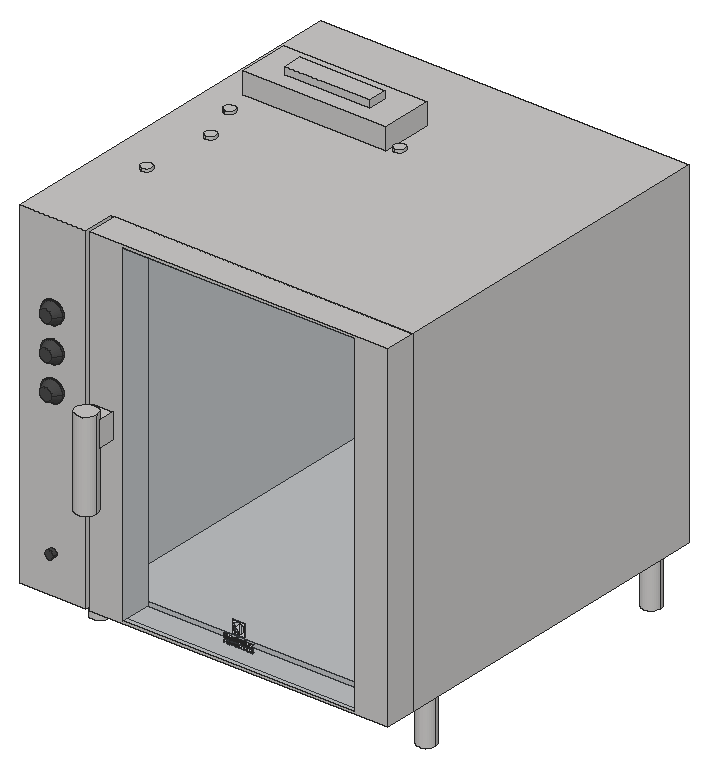
Revit family "QF_ELECTROLUXPROFESSIONAL_260821_EFCG11CSBS", category Attrezzature speciali, Revit 2018
Family settings
  Quota connettore circolare = Usa diametro
  Tipo di parte = Normale
  Basato su piano di lavoro = No
  Sempre verticale = Sì
  Taglio con vuoti quando caricato = No
  Condiviso = No
  Punto di calcolo locali = No
Parameters (values of type "Standard")
  Weight = 136.00 kg
  Watts = 350 W
  Volts = 220 V
  URL Manufacturer = "https://www.electroluxprofessional.com/"
  URL = "https://www.electroluxprofessional.com/"
  Steam Supply Size = 0 mm
  Steam Supply Minimum Pressure = 0.0 Pa
  Steam Supply Maximum Pressure = 0.0 Pa
  Steam Consumption per Hour = 0
  Show Logo [instance] = yes
  Show Clearance [instance] = yes
  Refrigeration Suction Line Size = 0 mm
  Refrigeration Liquid Line Size = 0 mm
  Refrigerant Compressor Remote = yes
  Produttore = "Electrolux Professional"
  Phase = 1
  Modello = "EFCG11CSBS"
  Length Actual = 890 mm  # constant formula
  Item Number = "260821"
  Hot Water Size = 0 mm
  Height Actual = 970 mm  # constant formula
  HP = "0.5 HP"
  Gas Size = 12.7 mm
  Gas KW = 18.5
  Gas Input Pressure = 0.102193 W
  Direct Waste Size = 25 mm
  Descrizione = "CONVECTION OVEN CW 10 GN 1/1 - GAS - 60HZ"
  Depth Actual = 900 mm  # constant formula
  Cycle = 60 Hz
  Condensate Return Size = 0 mm
  Compressed Air Volume = 0.0 L/s
  Compressed Air Size = 0 mm
  Compressed Air Pressure = 0.0 Pa
  Cold Water Size = 19.05 mm
  Accessory = yes
Types (2, lengths in mm): name | URL | Produttore | Phase | Modello | Gas Size | Direct Waste Size | Descrizione | Cold Water Size
  (no name) | 0 | 0 | 0 | 0 | 0 | 0 | 0 | 0
  Standard | "https://www.electroluxprofessional.com/" | "Electrolux Professional" | 1 | "EFCG11CSBS" | 12.7 | 25 | "CONVECTION OVEN CW 10 GN 1/1 - GAS - 60HZ" | 19.05
Values of the unnamed type that differ from the named types
  Weight = 0.00 kg
  Watts = 0 W
  Volts = 0 V
  URL Manufacturer = ""
  Item Number = ""
  HP = ""
  Gas KW = 0
  Gas Input Pressure = 0 W
  Cycle = 0 Hz
Reference planes
  plane 1 "Center X": y = 24.851
  plane 2: z = 0
  plane 3 "Center Y": x = -315
  plane 4 "LEFT": x = -760
  plane 5 "BACK": y = 479.851
  plane 6 "RIGHT": x = 130
  plane 7 "FRONT": y = -430.149
  plane 8: x = -710
  plane 9: y = 421.851
  plane 10: y = -355.149
  plane 11: x = 80
  plane 12: y = -1111.149
  plane 13: z = 130
  plane 14 "Center Z": z = 950
  plane 15: z = 0
Forms (mm)
  Extrusion 1, solid, material "QF_Finishes_Stainless Steel"
    sketch origin (0, 0, 950) x (-1, 0, 0) y (0, -1, 0)
      loop
        line (760, -479.851) -> (760, 430.149) -> (600, 430.149) -> (600, 355.149) -> (-130, 355.149) -> (-130, -479.851) -> (760, -479.851)
    from 0 to -820
  Extrusion 2, solid, material "QF_Finishes_Stainless Steel"
    sketch origin (0, -430.149, -670) x (-1, 0, 0) y (0, 0, 1)
      loop
        line (590, 1620) -> (-130, 1620) -> (-130, 800) -> (590, 800) -> (590, 1620)
      loop
        line (510, 1615) -> (-50, 1615) -> (-50, 805) -> (510, 805) -> (510, 1615)
    from 0 to 75
  Extrusion 3, solid, material "QF_Finishes_Glass"
    sketch origin (0, -430.149, -670) x (-1, 0, 0) y (0, 0, 1)
      loop
        line (-50, 1615) -> (-50, 805) -> (510, 805) -> (510, 1615) -> (-50, 1615)
    from 0 to 9.69
  Extrusion 4, solid, material "QF_Finishes_Stainless Steel"
    sketch origin (-1, -265, 955) x (0, -1, 0) y (-1, 0, 0)
      loop
        circle (-265.851, 643) r 13.25
    from 0 to 5
  Extrusion 5, solid, material "QF_Door-Drawer Clearances", visible <- "Show Clearance", detail levels coarse
    sketch origin (0, 0, 950) x (-1, 0, 0) y (0, -1, 0)
      loop
        arc (590, 430.149) -> (362.228, 910.45) -> (-130, 1111.149) r 734.22
        line (-130, 1111.149) -> (-130, 430.149) -> (590, 430.149)
    from -820 to 0
  Extrusion 6, solid, material "QF_Finishes_Black"
    sketch origin (24, -430.149, -766.676) x (-1, 0, 0) y (0, 0, 1)
      loop
        circle (704, 1512.5) r 26.676
    from 0 to -3
  Blend 7, solid, material "QF_Finishes_Black"
    base sketch origin (-21, -430.149, -766.676) x (1, 0, 0) y (0, 0, 1)
      loop
        circle (-659, 1512.5) r 25
    top sketch origin (-21, -430.149, -766.676) x (1, 0, 0) y (0, 0, 1)
      loop
        circle (-659, 1512.5) r 15
    from 3 to 21.442
  Extrusion 8, solid, material "QF_Finishes_Black"
    sketch origin (24, -430.149, -851.676) x (-1, 0, 0) y (0, 0, 1)
      loop
        circle (704, 1512.5) r 26.676
    from 0 to -3
  Blend 9, solid, material "QF_Finishes_Black"
    base sketch origin (-21, -430.149, -851.676) x (1, 0, 0) y (0, 0, 1)
      loop
        circle (-659, 1512.5) r 25
    top sketch origin (-21, -430.149, -851.676) x (1, 0, 0) y (0, 0, 1)
      loop
        circle (-659, 1512.5) r 15
    from 3 to 21.442
  Extrusion 10, solid, material "QF_Finishes_Black"
    sketch origin (24, -430.149, -936.676) x (-1, 0, 0) y (0, 0, 1)
      loop
        circle (704, 1512.5) r 26.676
    from 0 to -3
  Blend 11, solid, material "QF_Finishes_Black"
    base sketch origin (-21, -430.149, -936.676) x (1, 0, 0) y (0, 0, 1)
      loop
        circle (-659, 1512.5) r 25
    top sketch origin (-21, -430.149, -936.676) x (1, 0, 0) y (0, 0, 1)
      loop
        circle (-659, 1512.5) r 15
    from 3 to 21.442
  Extrusion 12, solid, material "QF_Finishes_Stainless Steel"
    sketch origin (-18, -437, 955) x (0, -1, 0) y (-1, 0, 0)
      loop
        circle (-265.851, 643) r 13.25
    from 0 to 5
  Extrusion 13, solid, material "QF_Finishes_Stainless Steel"
    sketch origin (309, -81, 955) x (0, -1, 0) y (-1, 0, 0)
      loop
        circle (-265.851, 643) r 13.25
    from 0 to 5
  Extrusion 14, solid, material "QF_Finishes_Stainless Steel"
    sketch origin (0, 0, 575) x (-1, 0, 0) y (0, -1, 0)
      loop
        circle (559.299, 480.149) r 25
    from -193.655 to 20
  Extrusion 15, solid, material "QF_Finishes_Stainless Steel"
    sketch origin (0, 0, 575) x (-1, 0, 0) y (0, -1, 0)
      loop
        line (534.299, 480.149) -> (534.299, 430.149) -> (584.299, 430.149) -> (584.299, 480.149)
        arc (584.299, 480.149) -> (559.299, 455.149) -> (534.299, 480.149) r 25
    from -55.026 to 5
  Extrusion 16, solid, material "QF_Finishes_Black"
    sketch origin (25, -480.149, -1017.5) x (-1, 0, 0) y (0, 0, 1)
      loop
        circle (705.941, 1240.523) r 10
    from 40 to 50
  Extrusion 17, solid, material "QF_Finishes_Stainless Steel"
    sketch origin (-34, -166, 955) x (0, -1, 0) y (-1, 0, 0)
      loop
        circle (-265.851, 643) r 13.25
    from 0 to 5
  Extrusion 18, solid, material "QF_Finishes_Stainless Steel"
    sketch origin (-84.755, -13.423, 1620) x (-1, 0, 0) y (0, -1, 0)
      loop
        line (611.245, -302.274) -> (611.245, -178.274) -> (265.245, -178.274) -> (265.245, -302.274) -> (611.245, -302.274)
    from -670 to -619
  Extrusion 19, solid, material "QF_Finishes_Stainless Steel"
    sketch origin (-84.755, -13.423, 1001) x (-1, 0, 0) y (0, -1, 0)
      loop
        line (541.245, -263.274) -> (541.245, -217.274) -> (335.245, -217.274) -> (335.245, -263.274) -> (541.245, -263.274)
    from 0 to 17
  Extrusion 20, void
    sketch origin (-600, -680.149, 1750) x (-1, 0, 0) y (0, 0, 1)
      loop
        line (0, -819.037) -> (-650, -819.037) -> (-650, -1605) -> (0, -1605) -> (0, -819.037)
    from 325 to 1102
Cuts and joins
  Extrusion 20 cuts Extrusion 1
Lines and regions (mm)
  Split face 1
    outline origin (-760, -430.149, 950) x (0, 0, -1) y (1, 0, 0)
      loop
        line (5, 15) -> (815, 15) -> (815, 145) -> (5, 145) -> (5, 15)
  Split face 2
    outline origin (-776.25, -430.149, 941.25) x (0, 0, -1) y (1, 0, 0)
      loop
        line (447.5, 78.5) -> (463.75, 78.5) -> (463.75, 113.5) -> (447.5, 113.5) -> (447.5, 78.5)
  Split face 3
    outline origin (30, -430.149, 135) x (1, 0, 0) y (0, 0, 1)
      loop
        line (-526.223, 92.039) -> (-375, 92.039) -> (-346.716, 120.323) -> (-260, 120.323) -> (-173.284, 120.323) -> (-145, 92.039) -> (6.223, 92.039) -> (6.223, 732.039) -> (-526.223, 732.039) -> (-526.223, 92.039)
  Split face 4
    outline origin (-760, -430.149, 950) x (0, 0, -1) y (1, 0, 0)
      loop
        line (770, 15) -> (770, 145)
  Split face 5
    outline origin (-640, -430.149, 950) x (-1, 0, 0) y (0, 0, -1)
      loop
        line (105, 50) -> (-25, 50)
  symbolic lines
    curve 1: line (-760, -430.149, 1620) -> (-760, 479.851, 1620)
    curve 2: line (-760, 479.851, 1620) -> (130, 479.851, 1620)
    curve 3: line (-600, -355.149, 1620) -> (130, -355.149, 1620)
    curve 4: line (-600, -355.149, 1620) -> (-600, -430.149, 1620)
    curve 5: line (-760, -430.149, 1620) -> (130, -430.149, 1620)
    curve 6: line (-706.676, -433.149, 1620) -> (-653.324, -433.149, 1620)
    curve 7: line (-695, -451.591, 1620) -> (-665, -451.591, 1620)
    curve 8: line (-706.676, -433.149, 1620) -> (-706.676, -430.149, 1620)
    curve 9: line (-653.324, -433.149, 1620) -> (-653.324, -430.149, 1620)
    curve 10: line (-695, -451.591, 1620) -> (-705, -433.149, 1620)
    curve 11: line (-665, -451.591, 1620) -> (-655.006, -433.149, 1620)
    curve 12: line (130, 479.851, 1620) -> (130, -430.149, 1620)
    curve 15: arc (-534.299, -480.149, 1620) -> (-559.299, -455.149, 1620) -> (-584.299, -480.149, 1620) r 25
    curve 16: arc (-584.299, -480.149, 1620) -> (-559.299, -505.149, 1620) -> (-534.299, -480.149, 1620) r 25
    curve 17: line (-534.299, -480.149, 1620) -> (-534.299, -430.149, 1620)
    curve 18: line (-584.299, -430.149, 1620) -> (-584.299, -480.149, 1620)
    curve 19: line (-420, 249.851, 1001) -> (-626, 249.851, 1001)
    curve 20: line (-626, 249.851, 1001) -> (-626, 203.851, 1001)
    curve 21: line (-626, 203.851, 1001) -> (-420, 203.851, 1001)
    curve 22: line (-420, 203.851, 1001) -> (-420, 249.851, 1001)
    curve 23: line (-350, 288.851, 1001) -> (-696, 288.851, 1001)
    curve 24: line (-696, 288.851, 1001) -> (-696, 164.851, 1001)
    curve 25: line (-696, 164.851, 1001) -> (-350, 164.851, 1001)
    curve 26: line (-350, 164.851, 1001) -> (-350, 288.851, 1001)
  symbolic lines, style "QF_Door-Drawer Clearances"
    curve 13: line (130, -1111.149, 1620) -> (130, -430.149, 1620)
    curve 14: arc (-590, -430.149, 1620) -> (-362.228, -910.45, 1620) -> (130, -1111.149, 1620) r 734.22
Dimensions and locks
  equal spacing: plane 4 "LEFT", plane 3 "Center Y", plane 6 "RIGHT"
  plane 4 "LEFT" to plane 6 "RIGHT" = 890 mm
  plane 5 "BACK" to plane 7 "FRONT" = 910 mm
  equal spacing: plane 5 "BACK", plane 1 "Center X", plane 7 "FRONT"
  plane 5 "BACK" to plane 12 = 1591 mm
  plane 13 to plane 15 = 130 mm
  plane 14 "Center Z" to plane 13 = 820 mm
  plane 14 "Center Z" to plane 15 = 950 mm
  aligned and locked: level to plane 2
  aligned and locked: plane 13 to nested 1
  aligned and locked: plane 13 to nested 2
  aligned and locked: plane 13 to nested 4
  aligned and locked: plane 13 to nested 3
  aligned and locked: Extrusion 1 to plane 13
  aligned and locked: Blend 7 to Extrusion 6
  aligned and locked: Blend 9 to Extrusion 8
  aligned and locked: Blend 11 to Extrusion 10
  aligned and locked: Extrusion 18 to plane 14 "Center Z"
Automatic sketch dimensions
  curve 14 to plane 6 "RIGHT" = 0 mm
  curve 17 to plane 7 "FRONT" = 0 mm
  curve 4 to plane 10 = 0 mm
  curve 1 to plane 4 "LEFT" = 0 mm
  curve 1 to plane 5 "BACK" = 0 mm
  curve 13 to plane 12 = 0 mm
  plane 6 "RIGHT" to curve 14 = 12.296 mm
  curve 17 to plane 7 "FRONT" = 50 mm
  plane 8 to curve 17 = 175.701 mm
  curve 15 to curve 16 = 25 mm
  curve 18 to curve 4 = 15.701 mm
  curve 9 to plane 7 "FRONT" = 3 mm
  curve 4 to curve 9 = 53.324 mm
  curve 6 to curve 7 = 11.676 mm
  plane 8 to curve 7 = 15 mm
  plane 8 to curve 8 = 3.324 mm
  curve 14 to plane 10 = 21.883 mm
  curve 10 to curve 10 = 18.442 mm
  curve 6 to curve 11 = 1.682 mm
  curve 10 to curve 6 = 1.676 mm
  Extrusion 1 sketch curve to plane 5 "BACK" = 0 mm
  Extrusion 1 sketch curve to plane 6 "RIGHT" = 0 mm
  Extrusion 1 sketch curve to plane 10 = 0 mm
  Extrusion 1 sketch curve to plane 7 "FRONT" = 0 mm
  Extrusion 1 sketch curve to plane 4 "LEFT" = 0 mm
  plane 8 to Extrusion 1 sketch curve = 110 mm
  Extrusion 2 sketch curve to plane 6 "RIGHT" = 0 mm
  Extrusion 2 sketch curve to plane 13 = 0 mm
  Extrusion 2 sketch curve to plane 14 "Center Z" = 0 mm
  plane 13 to Extrusion 2 sketch curve = 5 mm
  Extrusion 2 sketch curve to plane 11 = 30 mm
  Extrusion 2 sketch curve to plane 14 "Center Z" = 5 mm
  Extrusion 2 sketch curve to plane 3 "Center Y" = 195 mm
  Extrusion 2 sketch curve to Extrusion 2 sketch curve = 80 mm
  plane 13 to Extrusion 3 sketch curve = 5 mm
  Extrusion 3 sketch curve to plane 11 = 30 mm
  Extrusion 3 sketch curve to plane 3 "Center Y" = 195 mm  (x2)
  Extrusion 3 sketch curve to plane 14 "Center Z" = 5 mm
  plane 1 "Center X" to Extrusion 4 sketch curve = 24 mm
  plane 8 to Extrusion 4 sketch curve = 66 mm
  Extrusion 5 sketch curve to plane 6 "RIGHT" = 0 mm
  Extrusion 5 sketch curve to plane 7 "FRONT" = 0 mm
  Extrusion 5 sketch curve to plane 12 = 0 mm
  plane 6 "RIGHT" to Extrusion 5 sketch curve = 12.296 mm
  plane 8 to Extrusion 5 sketch curve = 120 mm
  Split face 1 sketch curve to Extrusion 1 = 5 mm  (x2)
  Split face 1 sketch curve to Extrusion 1 = 15 mm  (x2)
  plane 8 to Extrusion 6 sketch curve = 30 mm
  Extrusion 6 sketch curve to plane 14 "Center Z" = 204.176 mm
  Extrusion 2 to Blend 7 sketch curve = 90 mm  (x2)
  Extrusion 2 to Blend 7 sketch curve = 199.176 mm  (x2)
  plane 8 to Extrusion 8 sketch curve = 30 mm
  Extrusion 8 sketch curve to plane 14 "Center Z" = 289.176 mm
  Extrusion 2 to Blend 9 sketch curve = 90 mm  (x2)
  Extrusion 2 to Blend 9 sketch curve = 284.176 mm  (x2)
  plane 8 to Extrusion 10 sketch curve = 30 mm
  Extrusion 10 sketch curve to plane 14 "Center Z" = 374.176 mm
  Extrusion 2 to Blend 11 sketch curve = 90 mm  (x2)
  Extrusion 2 to Blend 11 sketch curve = 369.176 mm  (x2)
  Split face 2 sketch curve to Extrusion 1 = 62.75 mm
  Split face 2 sketch curve to Extrusion 1 = 363.75 mm
  Split face 2 sketch curve to Split face 2 sketch curve = 16.25 mm
  Split face 2 sketch curve to Split face 2 sketch curve = 35 mm
  plane 8 to Extrusion 12 sketch curve = 49 mm
  plane 10 to Extrusion 12 sketch curve = 184 mm
  Extrusion 13 sketch curve to plane 3 "Center Y" = 19 mm
  Extrusion 13 sketch curve to plane 1 "Center X" = 160 mm
  Extrusion 14 sketch curve to plane 7 "FRONT" = 50 mm
  plane 8 to Extrusion 14 sketch curve = 150.701 mm
  Extrusion 15 sketch curve to plane 7 "FRONT" = 0 mm
  plane 8 to Extrusion 15 sketch curve = 175.701 mm
  Extrusion 15 sketch curve to Extrusion 15 sketch curve = 25 mm
  Extrusion 15 sketch curve to plane 7 "FRONT" = 50 mm
  Split face 3 sketch curve to Extrusion 3 = 13.777 mm  (x2)
  Split face 3 sketch curve to Split face 3 sketch curve = 151.223 mm
  Split face 3 sketch curve to Split face 3 sketch curve = 28.284 mm  (x3)
  Split face 3 sketch curve to Split face 3 sketch curve = 86.716 mm  (x2)
  Split face 3 sketch curve to Extrusion 3 = 92.039 mm  (x2)
  Split face 3 sketch curve to Extrusion 3 = 77.961 mm
  Split face 4 sketch curve to Extrusion 1 = 15 mm  (x2)
  Split face 4 sketch curve to Extrusion 1 = 50 mm
  plane 8 to Extrusion 16 sketch curve = 29.059 mm
  plane 13 to Extrusion 16 sketch curve = 93.023 mm
  Split face 5 sketch curve to Extrusion 1 = 15 mm  (x2)
  Split face 5 sketch curve to Extrusion 1 = 50 mm
  Extrusion 17 sketch curve to plane 1 "Center X" = 75 mm
  plane 8 to Extrusion 17 sketch curve = 33 mm
  Extrusion 18 sketch curve to plane 3 "Center Y" = 35 mm
  plane 8 to Extrusion 18 sketch curve = 14 mm
  Extrusion 18 sketch curve to plane 9 = 133 mm
  Extrusion 18 sketch curve to Extrusion 18 sketch curve = 124 mm
  Extrusion 19 sketch curve to Extrusion 18 = 70 mm  (x2)
  Extrusion 19 sketch curve to Extrusion 18 = 39 mm  (x2)
  curve 22 to Extrusion 18 = 70 mm
  curve 21 to Extrusion 18 = 70 mm
  curve 19 to Extrusion 18 = 39 mm
  curve 21 to Extrusion 18 = 39 mm
  curve 23 to Extrusion 18 = 0 mm  (x2)
  curve 24 to Extrusion 18 = 0 mm
  Extrusion 18 to curve 25 = 0 mm
  Extrusion 20 sketch curve to plane 11 = 30 mm
  plane 13 to Extrusion 20 sketch curve = 15 mm
  plane 8 to Extrusion 20 sketch curve = 110 mm
  Extrusion 20 sketch curve to plane 14 "Center Z" = 19.037 mm
  radius of Extrusion 4 sketch curve = 13.25 mm
  radius of Extrusion 6 sketch curve = 26.676 mm
  radius of Blend 7 sketch curve = 25 mm
  radius of Blend 7 sketch curve = 15 mm
  radius of Extrusion 8 sketch curve = 26.676 mm
  radius of Blend 9 sketch curve = 25 mm
  radius of Blend 9 sketch curve = 15 mm
  radius of Extrusion 10 sketch curve = 26.676 mm
  radius of Blend 11 sketch curve = 25 mm
  radius of Blend 11 sketch curve = 15 mm
  radius of Extrusion 12 sketch curve = 13.25 mm
  radius of Extrusion 13 sketch curve = 13.25 mm
  radius of Extrusion 14 sketch curve = 25 mm
  radius of Extrusion 16 sketch curve = 10 mm
  radius of Extrusion 17 sketch curve = 13.25 mm
Nested families
  nested 1: "Foot" at (-710, -250.149, 0), type "Foot"
    with Ø 22 mm, H 130 mm
  nested 2: "Foot" at (80, -250.149, 0), type "Foot"
    with Ø 22 mm, H 130 mm
  nested 3: "Foot" at (80, 429.851, 0), type "Foot"
    with Ø 22 mm, H 130 mm
  nested 4: "Foot" at (-710, 429.851, 0), type "Foot"
    with Ø 22 mm, H 130 mm
  nested 5: "ELX_Pro_Logo" at (-230, -430.149, 201.012) x (1, 0, 0) z (0, -1, 0), type "ELX_Pro_Logo"
Connectors
  piping at (-334, 184.851, 955), diameter 25, driven by "Direct Waste Size"
    settings: on Extrusion 13, index 6, connector inside diameter 609.6 mm, connector length 0 mm, flow factor 0, pipe flow 0.0 L/s, pressure drop 0.0 Pa, fitting loss kfactor 0, connector angle 0.00°, fixture units 0, engagement length 0 mm, angle of deflection 0.00°, flow configuration 0, flow direction 0, fitting loss method 0, system type 16, joint type 0, gender type 0, connector reference index -1, connector utility 0, adjustable connector no, is connector primary yes, connector description "Drain"
  electrical at (-661, -171.149, 955)
    settings: on Extrusion 12, index 7, voltage 0 V, apparent load 0 VA, apparent load phase1 0 VA, apparent load phase2 0 VA, apparent load phase3 0 VA, power factor 1, load classification "Altro", number of poles 1, system type 30, power factor state 1, is connector primary yes, connector utility no, sub classification motor no, connector description ""
  piping at (-644, 0.851, 955), diameter 19.05, driven by "Cold Water Size"
    settings: on Extrusion 4, index 8, connector inside diameter 609.6 mm, connector length 0 mm, flow factor 0, pipe flow 0.0 L/s, pressure drop 0.0 Pa, fitting loss kfactor 0, connector angle 0.00°, fixture units 0, engagement length 0 mm, angle of deflection 0.00°, flow configuration 0, flow direction 0, fitting loss method 0, system type 20, joint type 0, gender type 0, connector reference index -1, connector utility 0, adjustable connector no, is connector primary no, connector description "Cold Water Inlet"
  piping at (-677, 99.851, 955), diameter 26.4
    settings: on Extrusion 17, index 9, connector inside diameter 609.6 mm, connector length 0 mm, flow factor 0, pipe flow 0.0 L/s, pressure drop 0.0 Pa, fitting loss kfactor 0, connector angle 0.00°, fixture units 0, engagement length 0 mm, angle of deflection 0.00°, flow configuration 0, flow direction 0, fitting loss method 0, system type 22, joint type 0, gender type 0, connector reference index -1, connector utility 0, adjustable connector no, is connector primary no, connector description "Gas"
Definition of nested family "Foot"
  Parameters
    Ø [instance] = 20 mm
    H [instance] = 50 mm
  Reference planes
    plane 1 "Centro (Fronte/Retro)": y = 0
    plane 2: z = 0
    plane 3 "Centro (Sinistra/Destra)": x = 0
    plane 4: z = 50
  Forms (mm)
    Revolve 1, solid
      sketch origin (255.05, 0, 608.09) x (0, 0, 1) y (-1, 0, 0)
        loop
          line (-608.09, 255.05) -> (-608.09, 235.05) -> (-558.09, 235.05) -> (-558.09, 255.05) -> (-608.09, 255.05)
        axis (-608.09, 255.05) -> (-558.09, 255.05)
      angle from 0 to 360
  Dimensions and locks
    "H": plane 4 to plane 2
    "Ø": Revolve 1 sketch curve to Revolve 1 sketch curve
    aligned and locked: level to plane 2
    aligned and locked: plane 4 to Revolve 1 sketch curve
    aligned and locked: Revolve 1 sketch curve to level
    aligned and locked: plane 3 "Centro (Sinistra/Destra)" to Revolve 1 sketch curve
  Automatic sketch dimensions
    Revolve 1 sketch curve to plane 3 "Centro (Sinistra/Destra)" = 0 mm
    Revolve 1 sketch curve to Revolve 1 sketch curve = 50 mm
    Revolve 1 sketch curve to Revolve 1 sketch curve = 20 mm
Definition of nested family "ELX_Pro_Logo"
  Parameters (values of type "ELX_Pro_Logo")
    M = none
    Default Elevation = 0 mm
  Reference planes
    plane 1 "Centro (Fronte/Retro)": y = 0
    plane 2: z = 0
    plane 3 "Centro (Sinistra/Destra)": x = 0
  Forms (mm)
    Extrusion 1, solid
      sketch origin (0, 0, 0) x (1, 0, 0) y (0, 1, 0)
        loop
          line (-1219.2, 1219.2) -> (-1219.2, -1219.2) -> (1219.2, -1219.2) -> (1219.2, 1219.2) -> (-1219.2, 1219.2)
      from 0 to -304.8
    Extrusion 2, solid, material <- "M"
      sketch origin (-144.622, -1081.55, 0) x (-1, 0, 0) y (0, -1, 0)
        loop
          line (-111.329, -1069.559) -> (-111.329, -1071.073) -> (-116.048, -1071.073) -> (-116.048, -1072.896) -> (-111.328, -1072.896) -> (-111.328, -1075.549) -> (-116.349, -1075.549) -> (-116.349, -1077.368) -> (-109.396, -1077.368) -> (-109.396, -1073.46) -> (-109.396, -1069.659)
          arc (-109.396, -1069.659) -> (-110.425, -1067.175) -> (-112.909, -1066.146) r 3.513
          line (-112.909, -1066.146) -> (-116.483, -1066.146) -> (-116.483, -1067.963) -> (-112.925, -1067.963)
          arc (-112.925, -1067.963) -> (-111.797, -1068.431) -> (-111.329, -1069.559) r 1.596
        loop
          line (-119.79, -1077.358) -> (-117.856, -1077.358) -> (-117.856, -1072.053) -> (-117.856, -1066.132) -> (-119.79, -1066.132) -> (-119.79, -1072.092) -> (-119.79, -1077.358)
        loop
          line (-122.986, -1069.718) -> (-129.327, -1069.718)
          arc (-129.327, -1069.718) -> (-129.219, -1071.449) -> (-128.497, -1073.026) r 4.757
          arc (-128.497, -1073.026) -> (-125.237, -1074.5) -> (-121.978, -1073.026) r 4.34
          arc (-121.978, -1073.026) -> (-121.072, -1070.207) -> (-121.978, -1067.388) r 4.838
          arc (-121.978, -1067.388) -> (-125.393, -1065.933) -> (-128.809, -1067.388) r 4.737
          line (-128.809, -1067.388) -> (-127.645, -1068.52)
          arc (-127.645, -1068.52) -> (-125.509, -1067.576) -> (-123.374, -1068.52) r 2.888
          arc (-123.374, -1068.52) -> (-123.05, -1069.077) -> (-122.986, -1069.718) r 1.527
        loop
          arc (-127.386, -1071.076) -> (-126.67, -1072.331) -> (-125.331, -1072.872) r 2.201
          arc (-125.331, -1072.872) -> (-123.848, -1072.402) -> (-123.033, -1071.076) r 2.23
          line (-123.033, -1071.076) -> (-127.386, -1071.076)
        loop
          line (-136.862, -1071.886) -> (-138.059, -1073.132)
          arc (-138.059, -1073.132) -> (-130.327, -1070.219) -> (-138.059, -1067.306) r 4.415
          line (-138.059, -1067.306) -> (-136.862, -1068.553)
          arc (-136.862, -1068.553) -> (-132.252, -1070.22) -> (-136.862, -1071.886) r 2.606
        loop
          line (-141.192, -1069.673) -> (-141.192, -1072.494) -> (-142.951, -1072.494) -> (-142.951, -1074.25) -> (-141.195, -1074.25) -> (-141.195, -1077.358) -> (-139.262, -1077.358) -> (-139.262, -1073.332) -> (-139.262, -1069.514)
          arc (-139.262, -1069.514) -> (-140.299, -1066.92) -> (-142.98, -1066.132) r 3.196
          line (-142.98, -1066.132) -> (-142.987, -1067.949)
          arc (-142.987, -1067.949) -> (-141.652, -1068.356) -> (-141.192, -1069.673) r 1.542
        loop
          line (-146.494, -1073.042) -> (-146.494, -1074.25) -> (-144.576, -1074.25) -> (-144.576, -1070.271) -> (-144.576, -1066.132) -> (-146.494, -1066.132) -> (-146.494, -1070.401)
          arc (-146.494, -1070.401) -> (-147.446, -1072.228) -> (-149.489, -1072.494) r 2.229
          line (-149.489, -1072.494) -> (-149.489, -1074.362)
          arc (-149.489, -1074.362) -> (-147.761, -1074.226) -> (-146.494, -1073.042) r 2.627
        loop
          line (-159.833, -1072.246) -> (-159.833, -1066.131) -> (-161.767, -1066.131) -> (-161.767, -1072.17) -> (-161.767, -1077.359) -> (-159.833, -1077.359) -> (-159.833, -1072.246)
        loop
          line (-165.194, -1069.514) -> (-165.194, -1074.25) -> (-163.245, -1074.25) -> (-163.245, -1071.898) -> (-163.245, -1069.098)
          arc (-163.245, -1069.098) -> (-166.96, -1065.769) -> (-170.687, -1069.085) r 3.745
          line (-170.687, -1069.085) -> (-170.687, -1071.898) -> (-170.687, -1074.25) -> (-168.739, -1074.25) -> (-168.739, -1069.514)
          arc (-168.739, -1069.514) -> (-166.967, -1067.742) -> (-165.194, -1069.514) r 1.772
        loop
          line (-174.654, -1070.416) -> (-172.975, -1068.078) -> (-171.578, -1066.131) -> (-173.656, -1066.131) -> (-175.717, -1068.999) -> (-177.779, -1066.131) -> (-179.857, -1066.131) -> (-178, -1068.728) -> (-176.781, -1070.433) -> (-178.29, -1072.488) -> (-179.583, -1074.25) -> (-177.473, -1074.25) -> (-175.717, -1071.818) -> (-173.945, -1074.25) -> (-171.852, -1074.25) -> (-173.052, -1072.608) -> (-174.654, -1070.416)
        loop
          circle (-154.223, -1070.188) r 2.508
        loop
          circle (-154.223, -1070.188) r 4.42
        loop
          line (-110.224, -1058.542) -> (-111.194, -1058.542)
          arc (-111.194, -1058.542) -> (-112.217, -1059.95) -> (-110.924, -1061.114) r 1.3
          line (-110.924, -1061.114) -> (-109.424, -1061.114) -> (-109.424, -1057.223) -> (-110.224, -1057.223) -> (-110.224, -1058.542)
        loop
          line (-110.224, -1060.379) -> (-110.224, -1059.293) -> (-111.03, -1059.293)
          arc (-111.03, -1059.293) -> (-111.43, -1059.836) -> (-111.03, -1060.379) r 0.569
          line (-111.03, -1060.379) -> (-110.224, -1060.379)
        loop
          line (-116.302, -1058.564) -> (-117.128, -1058.564) -> (-117.934, -1057.223) -> (-118.841, -1057.223) -> (-117.833, -1058.884)
          arc (-117.833, -1058.884) -> (-118.214, -1060.282) -> (-117.028, -1061.114) r 1.26
          line (-117.028, -1061.114) -> (-115.503, -1061.114) -> (-115.503, -1057.223) -> (-116.302, -1057.223) -> (-116.302, -1058.564)
        loop
          line (-116.302, -1060.379) -> (-116.302, -1059.293) -> (-117.109, -1059.293)
          arc (-117.109, -1059.293) -> (-117.508, -1059.836) -> (-117.109, -1060.379) r 0.569
          line (-117.109, -1060.379) -> (-116.302, -1060.379)
        loop
          line (-128.923, -1057.223) -> (-129.723, -1057.223) -> (-129.723, -1058.714) -> (-131.187, -1058.714) -> (-131.187, -1059.514) -> (-129.723, -1059.514) -> (-129.723, -1060.314) -> (-131.327, -1060.314) -> (-131.327, -1061.114) -> (-128.923, -1061.114) -> (-128.923, -1057.223)
        loop
          arc (-134.628, -1058.469) -> (-134.992, -1057.588) -> (-135.874, -1057.223) r 1.246
          line (-135.874, -1057.223) -> (-137.13, -1057.223) -> (-137.13, -1058.023) -> (-135.969, -1058.023)
          arc (-135.969, -1058.023) -> (-135.53, -1058.237) -> (-135.427, -1058.714) r 0.558
          line (-135.427, -1058.714) -> (-136.984, -1058.714) -> (-136.984, -1059.514) -> (-135.427, -1059.514) -> (-135.427, -1060.314) -> (-137.092, -1060.314) -> (-137.092, -1061.114) -> (-134.628, -1061.114) -> (-134.628, -1058.469)
        loop
          line (-152.3, -1057.223) -> (-153.1, -1057.223) -> (-153.1, -1061.114) -> (-152.3, -1061.114) -> (-152.3, -1057.223)
        loop
          line (-164.67, -1057.223) -> (-164.67, -1059.67) -> (-166.45, -1057.223) -> (-167.25, -1057.223) -> (-167.25, -1061.114) -> (-166.42, -1061.114) -> (-166.42, -1058.594) -> (-164.64, -1061.114) -> (-163.84, -1061.114) -> (-163.84, -1057.223) -> (-164.67, -1057.223)
        loop
          line (-170.403, -1057.223) -> (-171.262, -1057.223) -> (-171.641, -1058.063) -> (-173.08, -1058.063) -> (-173.459, -1057.223) -> (-174.317, -1057.223) -> (-172.796, -1061.113) -> (-171.996, -1061.113) -> (-170.403, -1057.223)
        loop
          line (-177.493, -1057.223) -> (-179.789, -1057.223) -> (-179.789, -1058.023) -> (-178.293, -1058.023) -> (-178.293, -1061.114) -> (-177.493, -1061.114) -> (-177.493, -1057.223)
        loop
          line (-172.362, -1059.848) -> (-171.945, -1058.83) -> (-172.76, -1058.83) -> (-172.362, -1059.848)
        loop
          circle (-158.484, -1059.145) r 1.288
        loop
          circle (-158.484, -1059.145) r 2.065
        loop
          arc (-146.04, -1058.095) -> (-146.933, -1057.275) -> (-148.145, -1057.245) r 1.725
          arc (-148.145, -1057.245) -> (-148.965, -1058.02) -> (-148.68, -1059.111) r 1.107
          arc (-148.68, -1059.111) -> (-148.103, -1059.465) -> (-147.486, -1059.746) r 5.523
          arc (-147.486, -1059.746) -> (-147.147, -1060.262) -> (-147.708, -1060.52) r 0.407
          arc (-147.708, -1060.52) -> (-148.045, -1060.315) -> (-148.325, -1060.038) r 1.702
          line (-148.325, -1060.038) -> (-149.011, -1060.45)
          arc (-149.011, -1060.45) -> (-148.578, -1060.911) -> (-148.043, -1061.247) r 2.463
          arc (-148.043, -1061.247) -> (-146.373, -1060.466) -> (-147.42, -1058.949) r 1.207
          spline (-147.42, -1058.949) -> (-147.716, -1058.809) -> (-147.932, -1058.678) -> (-148.077, -1058.557) -> (-148.163, -1058.446) -> (-148.198, -1058.347) -> (-148.192, -1058.258) -> (-148.157, -1058.182) -> (-148.102, -1058.118) -> (-148.037, -1058.068) -> (-147.972, -1058.031) -> (-147.917, -1058.008) -> (-147.883, -1058)
          arc (-147.883, -1058) -> (-147.238, -1058.014) -> (-146.759, -1058.446) r 0.925
          line (-146.759, -1058.446) -> (-146.04, -1058.095)
        loop
          arc (-140.18, -1058.095) -> (-141.073, -1057.275) -> (-142.285, -1057.245) r 1.725
          arc (-142.285, -1057.245) -> (-143.106, -1058.02) -> (-142.821, -1059.111) r 1.107
          arc (-142.821, -1059.111) -> (-142.243, -1059.465) -> (-141.627, -1059.746) r 5.523
          arc (-141.627, -1059.746) -> (-141.287, -1060.262) -> (-141.849, -1060.52) r 0.407
          arc (-141.849, -1060.52) -> (-142.185, -1060.315) -> (-142.466, -1060.038) r 1.702
          line (-142.466, -1060.038) -> (-143.151, -1060.45)
          arc (-143.151, -1060.45) -> (-142.719, -1060.911) -> (-142.183, -1061.247) r 2.463
          arc (-142.183, -1061.247) -> (-140.513, -1060.466) -> (-141.56, -1058.949) r 1.207
          spline (-141.56, -1058.949) -> (-141.856, -1058.809) -> (-142.072, -1058.678) -> (-142.218, -1058.557) -> (-142.303, -1058.446) -> (-142.338, -1058.347) -> (-142.333, -1058.258) -> (-142.298, -1058.182) -> (-142.242, -1058.118) -> (-142.177, -1058.068) -> (-142.112, -1058.031) -> (-142.057, -1058.008) -> (-142.023, -1058)
          arc (-142.023, -1058) -> (-141.378, -1058.014) -> (-140.9, -1058.446) r 0.925
          line (-140.9, -1058.446) -> (-140.18, -1058.095)
        loop
          circle (-123.484, -1059.145) r 1.288
        loop
          circle (-123.484, -1059.145) r 2.065
        loop
          line (-130.225, -1113.361) -> (-130.225, -1084.645) -> (-158.979, -1084.645) -> (-158.979, -1113.361) -> (-130.225, -1113.361)
        loop
          arc (-148.442, -1086.055) -> (-157.992, -1098.973) -> (-148.442, -1111.892) r 13.512
          line (-148.442, -1111.892) -> (-148.442, -1086.055)
        loop
          line (-147.127, -1086.055) -> (-147.127, -1087.926)
          arc (-147.127, -1087.926) -> (-143.116, -1095.125) -> (-135.48, -1098.224) r 12.412
          line (-135.48, -1098.224) -> (-131.205, -1098.224)
          arc (-131.205, -1098.224) -> (-136.382, -1088.497) -> (-147.127, -1086.055) r 13.242
        loop
          line (-147.127, -1110.021) -> (-147.127, -1112.224)
          arc (-147.127, -1112.224) -> (-136.374, -1109.53) -> (-131.205, -1099.722) r 13.588
          line (-131.205, -1099.722) -> (-135.48, -1099.722)
          arc (-135.48, -1099.722) -> (-143.116, -1102.822) -> (-147.127, -1110.021) r 12.412
      from 0 to 1.6
  Lines and regions (mm)
    symbolic lines
      curve 1: line (-14.357, 31.811, 0) -> (14.357, 31.811, 0)
      curve 2: line (-14.357, 3.095, 0) -> (-14.357, 31.811, 0)
      curve 3: line (14.357, 3.095, 0) -> (-14.357, 3.095, 0)
      curve 4: line (14.357, 31.811, 0) -> (14.357, 3.095, 0)
      curve 5: line (-8.32, 7.722, 0) -> (-9.387, 8.738, 0)
      curve 6: line (-9.387, 8.738, 0) -> (-10.331, 9.866, 0)
      curve 7: line (-10.331, 9.866, 0) -> (-11.141, 11.095, 0)
      curve 8: line (-11.141, 11.095, 0) -> (-11.805, 12.411, 0)
      curve 9: line (-11.805, 12.411, 0) -> (-12.31, 13.803, 0)
      curve 10: line (-12.31, 13.803, 0) -> (-12.646, 15.26, 0)
      curve 11: line (-12.646, 15.26, 0) -> (-12.8, 16.77, 0)
      curve 12: line (-12.8, 16.77, 0) -> (-10.081, 16.77, 0)
      curve 13: line (-10.081, 16.77, 0) -> (-8.466, 16.661, 0)
      curve 14: line (-8.466, 16.661, 0) -> (-6.88, 16.344, 0)
      curve 15: line (-6.88, 16.344, 0) -> (-5.345, 15.833, 0)
      curve 16: line (-5.345, 15.833, 0) -> (-3.882, 15.143, 0)
      curve 17: line (-3.882, 15.143, 0) -> (-2.511, 14.288, 0)
      curve 18: line (-2.511, 14.288, 0) -> (-1.255, 13.283, 0)
      curve 19: line (-1.255, 13.283, 0) -> (-0.135, 12.143, 0)
      curve 20: line (-0.135, 12.143, 0) -> (0.83, 10.882, 0)
      curve 21: line (0.83, 10.882, 0) -> (1.616, 9.515, 0)
      curve 22: arc (1.616, 9.515, 0) -> (2.419, 7.28, 0) -> (2.7, 4.923, 0) r 10.532
      curve 23: arc (2.7, 4.923, 0) -> (1.362, 4.715, 0) -> (0.011, 4.633, 0) r 14.39
      curve 24: line (0.011, 4.633, 0) -> (-1.56, 4.731, 0)
      curve 25: line (-1.56, 4.731, 0) -> (-3.062, 5.011, 0)
      curve 26: line (-3.062, 5.011, 0) -> (-4.502, 5.462, 0)
      curve 27: line (-4.502, 5.462, 0) -> (-5.866, 6.072, 0)
      curve 28: line (-5.866, 6.072, 0) -> (-7.142, 6.829, 0)
      curve 29: line (-7.142, 6.829, 0) -> (-8.32, 7.722, 0)
      curve 30: line (-10.802, 24.24, 0) -> (-9.872, 25.531, 0)
      curve 31: line (-9.872, 25.531, 0) -> (-8.796, 26.699, 0)
      curve 32: line (-8.796, 26.699, 0) -> (-7.587, 27.728, 0)
      curve 33: line (-7.587, 27.728, 0) -> (-6.258, 28.602, 0)
      curve 34: line (-6.258, 28.602, 0) -> (-4.823, 29.309, 0)
      curve 35: line (-4.823, 29.309, 0) -> (-3.293, 29.832, 0)
      curve 36: line (-3.293, 29.832, 0) -> (-1.683, 30.156, 0)
      curve 37: arc (-1.683, 30.156, 0) -> (0.517, 30.256, 0) -> (2.702, 29.984, 0) r 13.008
      curve 38: arc (2.702, 29.984, 0) -> (2.453, 27.616, 0) -> (1.617, 25.387, 0) r 9.395
      curve 39: line (1.617, 25.387, 0) -> (0.83, 24.018, 0)
      curve 40: line (0.83, 24.018, 0) -> (-0.134, 22.756, 0)
      curve 41: line (-0.134, 22.756, 0) -> (-1.255, 21.615, 0)
      curve 42: line (-1.255, 21.615, 0) -> (-2.512, 20.609, 0)
      curve 43: line (-2.512, 20.609, 0) -> (-3.882, 19.754, 0)
      curve 44: line (-3.882, 19.754, 0) -> (-5.346, 19.063, 0)
      curve 45: line (-5.346, 19.063, 0) -> (-6.881, 18.551, 0)
      curve 46: line (-6.881, 18.551, 0) -> (-8.467, 18.234, 0)
      curve 47: line (-8.467, 18.234, 0) -> (-10.083, 18.125, 0)
      curve 48: line (-10.083, 18.125, 0) -> (-12.798, 18.125, 0)
      curve 49: line (-12.798, 18.125, 0) -> (-12.584, 19.768, 0)
      curve 50: line (-12.584, 19.768, 0) -> (-12.171, 21.343, 0)
      curve 51: line (-12.171, 21.343, 0) -> (-11.572, 22.839, 0)
      curve 52: line (-11.572, 22.839, 0) -> (-10.802, 24.24, 0)
      curve 53: line (4.048, 5.294, 0) -> (4.048, 29.617, 0)
      curve 54: line (4.048, 29.617, 0) -> (5.525, 29.026, 0)
      curve 55: line (5.525, 29.026, 0) -> (6.905, 28.26, 0)
      curve 56: line (6.905, 28.26, 0) -> (8.174, 27.332, 0)
      curve 57: line (8.174, 27.332, 0) -> (9.318, 26.256, 0)
      curve 58: line (9.318, 26.256, 0) -> (10.323, 25.046, 0)
      curve 59: line (10.323, 25.046, 0) -> (11.177, 23.715, 0)
      curve 60: line (11.177, 23.715, 0) -> (11.865, 22.277, 0)
      curve 61: line (11.865, 22.277, 0) -> (12.375, 20.746, 0)
      curve 62: line (12.375, 20.746, 0) -> (12.693, 19.135, 0)
      curve 63: line (12.693, 19.135, 0) -> (12.804, 17.459, 0)
      curve 64: line (12.804, 17.459, 0) -> (12.702, 15.807, 0)
      curve 65: line (12.702, 15.807, 0) -> (12.396, 14.216, 0)
      curve 66: line (12.396, 14.216, 0) -> (11.897, 12.7, 0)
      curve 67: line (11.897, 12.7, 0) -> (11.218, 11.271, 0)
      curve 68: line (11.218, 11.271, 0) -> (10.372, 9.944, 0)
      curve 69: line (10.372, 9.944, 0) -> (9.37, 8.731, 0)
      curve 70: line (9.37, 8.731, 0) -> (8.224, 7.646, 0)
      curve 71: line (8.224, 7.646, 0) -> (6.947, 6.703, 0)
      curve 72: line (6.947, 6.703, 0) -> (5.551, 5.914, 0)
      curve 73: line (5.551, 5.914, 0) -> (4.048, 5.294, 0)
      curve 74: line (-35.227, -8.09, 0) -> (-35.227, -11.891, 0)
      curve 75: arc (-35.227, -11.891, 0) -> (-34.198, -14.375, 0) -> (-31.714, -15.404, 0) r 3.513
      curve 76: line (-31.714, -15.404, 0) -> (-28.139, -15.404, 0)
      curve 77: line (-28.139, -15.404, 0) -> (-28.139, -13.587, 0)
      curve 78: line (-28.139, -13.587, 0) -> (-31.697, -13.587, 0)
      curve 79: arc (-31.697, -13.587, 0) -> (-32.826, -13.119, 0) -> (-33.293, -11.991, 0) r 1.596
      curve 80: line (-33.293, -11.991, 0) -> (-33.293, -10.477, 0)
      curve 81: line (-33.293, -10.477, 0) -> (-28.574, -10.477, 0)
      curve 82: line (-28.574, -10.477, 0) -> (-28.574, -8.654, 0)
      curve 83: line (-28.574, -8.654, 0) -> (-33.294, -8.654, 0)
      curve 84: line (-33.294, -8.654, 0) -> (-33.294, -6.001, 0)
      curve 85: line (-33.294, -6.001, 0) -> (-28.273, -6.001, 0)
      curve 86: line (-28.273, -6.001, 0) -> (-28.273, -4.182, 0)
      curve 87: line (-28.273, -4.182, 0) -> (-35.227, -4.182, 0)
      curve 88: line (-35.227, -4.182, 0) -> (-35.227, -8.09, 0)
      curve 89: line (-24.833, -9.458, 0) -> (-24.833, -4.192, 0)
      curve 90: line (-24.833, -4.192, 0) -> (-26.766, -4.192, 0)
      curve 91: line (-26.766, -4.192, 0) -> (-26.766, -9.497, 0)
      curve 92: line (-26.766, -9.497, 0) -> (-26.766, -15.418, 0)
      curve 93: line (-26.766, -15.418, 0) -> (-24.833, -15.418, 0)
      curve 94: line (-24.833, -15.418, 0) -> (-24.833, -9.458, 0)
      curve 95: arc (-16.125, -8.524, 0) -> (-19.385, -7.05, 0) -> (-22.645, -8.524, 0) r 4.34
      curve 96: arc (-22.645, -8.524, 0) -> (-23.551, -11.343, 0) -> (-22.645, -14.162, 0) r 4.838
      curve 97: arc (-22.645, -14.162, 0) -> (-19.229, -15.617, 0) -> (-15.813, -14.162, 0) r 4.737
      curve 98: line (-15.813, -14.162, 0) -> (-16.978, -13.03, 0)
      curve 99: arc (-16.978, -13.03, 0) -> (-19.113, -13.974, 0) -> (-21.249, -13.03, 0) r 2.888
      curve 100: arc (-21.249, -13.03, 0) -> (-21.572, -12.473, 0) -> (-21.637, -11.832, 0) r 1.527
      curve 101: line (-21.637, -11.832, 0) -> (-15.295, -11.832, 0)
      curve 102: arc (-15.295, -11.832, 0) -> (-15.404, -10.101, 0) -> (-16.125, -8.524, 0) r 4.757
      curve 103: line (-17.236, -10.474, 0) -> (-21.589, -10.474, 0)
      curve 104: arc (-21.589, -10.474, 0) -> (-20.774, -9.148, 0) -> (-19.291, -8.678, 0) r 2.23
      curve 105: arc (-19.291, -8.678, 0) -> (-17.952, -9.219, 0) -> (-17.236, -10.474, 0) r 2.201
      curve 106: arc (-6.563, -8.418, 0) -> (-14.295, -11.331, 0) -> (-6.563, -14.244, 0) r 4.415
      curve 107: line (-6.563, -14.244, 0) -> (-7.761, -12.997, 0)
      curve 108: arc (-7.761, -12.997, 0) -> (-12.371, -11.33, 0) -> (-7.761, -9.664, 0) r 2.606
      curve 109: line (-7.761, -9.664, 0) -> (-6.563, -8.418, 0)
      curve 110: line (-5.361, -4.192, 0) -> (-5.361, -8.218, 0)
      curve 111: line (-5.361, -8.218, 0) -> (-5.361, -12.036, 0)
      curve 112: arc (-5.361, -12.036, 0) -> (-4.323, -14.63, 0) -> (-1.642, -15.418, 0) r 3.196
      curve 113: line (-1.642, -15.418, 0) -> (-1.636, -13.601, 0)
      curve 114: arc (-1.636, -13.601, 0) -> (-2.97, -13.194, 0) -> (-3.43, -11.877, 0) r 1.542
      curve 115: line (-3.43, -11.877, 0) -> (-3.43, -9.056, 0)
      curve 116: line (-3.43, -9.056, 0) -> (-1.672, -9.056, 0)
      curve 117: line (-1.672, -9.056, 0) -> (-1.672, -7.299, 0)
      curve 118: line (-1.672, -7.299, 0) -> (-3.427, -7.299, 0)
      curve 119: line (-3.427, -7.299, 0) -> (-3.427, -4.192, 0)
      curve 120: line (-3.427, -4.192, 0) -> (-5.361, -4.192, 0)
      curve 121: line (1.872, -7.3, 0) -> (-0.046, -7.3, 0)
      curve 122: line (-0.046, -7.3, 0) -> (-0.046, -11.279, 0)
      curve 123: line (-0.046, -11.279, 0) -> (-0.046, -15.418, 0)
      curve 124: line (-0.046, -15.418, 0) -> (1.872, -15.418, 0)
      curve 125: line (1.872, -15.418, 0) -> (1.872, -11.149, 0)
      curve 126: arc (1.872, -11.149, 0) -> (2.824, -9.322, 0) -> (4.867, -9.056, 0) r 2.229
      curve 127: line (4.867, -9.056, 0) -> (4.867, -7.188, 0)
      curve 128: arc (4.867, -7.188, 0) -> (3.138, -7.324, 0) -> (1.872, -8.508, 0) r 2.627
      curve 129: line (1.872, -8.508, 0) -> (1.872, -7.3, 0)
      curve 130: arc (7.092, -11.362, 0) -> (9.601, -8.854, 0) -> (12.109, -11.362, 0) r 2.508
      curve 131: arc (12.109, -11.362, 0) -> (9.601, -13.871, 0) -> (7.092, -11.362, 0) r 2.508
      curve 132: arc (5.18, -11.362, 0) -> (9.601, -15.783, 0) -> (14.021, -11.362, 0) r 4.42
      curve 133: arc (14.021, -11.362, 0) -> (9.601, -6.942, 0) -> (5.18, -11.362, 0) r 4.42
      curve 134: line (15.211, -4.191, 0) -> (15.211, -9.304, 0)
      curve 135: line (15.211, -9.304, 0) -> (15.211, -15.419, 0)
      curve 136: line (15.211, -15.419, 0) -> (17.145, -15.419, 0)
      curve 137: line (17.145, -15.419, 0) -> (17.145, -9.38, 0)
      curve 138: line (17.145, -9.38, 0) -> (17.145, -4.191, 0)
      curve 139: line (17.145, -4.191, 0) -> (15.211, -4.191, 0)
      curve 140: line (18.622, -7.299, 0) -> (18.622, -9.652, 0)
      curve 141: line (18.622, -9.652, 0) -> (18.622, -12.452, 0)
      curve 142: arc (18.622, -12.452, 0) -> (22.338, -15.781, 0) -> (26.064, -12.465, 0) r 3.745
      curve 143: line (26.064, -12.465, 0) -> (26.064, -9.652, 0)
      curve 144: line (26.064, -9.652, 0) -> (26.064, -7.299, 0)
      curve 145: line (26.064, -7.299, 0) -> (24.116, -7.299, 0)
      curve 146: line (24.116, -7.299, 0) -> (24.116, -12.036, 0)
      curve 147: arc (24.116, -12.036, 0) -> (22.344, -13.808, 0) -> (20.572, -12.036, 0) r 1.772
      curve 148: line (20.572, -12.036, 0) -> (20.572, -7.299, 0)
      curve 149: line (20.572, -7.299, 0) -> (18.622, -7.299, 0)
      curve 150: line (28.43, -8.942, 0) -> (30.032, -11.134, 0)
      curve 151: line (30.032, -11.134, 0) -> (28.353, -13.472, 0)
      curve 152: line (28.353, -13.472, 0) -> (26.955, -15.419, 0)
      curve 153: line (26.955, -15.419, 0) -> (29.033, -15.419, 0)
      curve 154: line (29.033, -15.419, 0) -> (31.095, -12.551, 0)
      curve 155: line (31.095, -12.551, 0) -> (33.156, -15.419, 0)
      curve 156: line (33.156, -15.419, 0) -> (35.234, -15.419, 0)
      curve 157: line (35.234, -15.419, 0) -> (33.378, -12.822, 0)
      curve 158: line (33.378, -12.822, 0) -> (32.158, -11.117, 0)
      curve 159: line (32.158, -11.117, 0) -> (33.668, -9.062, 0)
      curve 160: line (33.668, -9.062, 0) -> (34.961, -7.3, 0)
      curve 161: line (34.961, -7.3, 0) -> (32.851, -7.3, 0)
      curve 162: line (32.851, -7.3, 0) -> (31.095, -9.732, 0)
      curve 163: line (31.095, -9.732, 0) -> (29.323, -7.3, 0)
      curve 164: line (29.323, -7.3, 0) -> (27.23, -7.3, 0)
      curve 165: line (27.23, -7.3, 0) -> (28.43, -8.942, 0)
      curve 166: line (-35.198, -20.436, 0) -> (-35.198, -24.327, 0)
      curve 167: line (-35.198, -24.327, 0) -> (-34.398, -24.327, 0)
      curve 168: line (-34.398, -24.327, 0) -> (-34.398, -23.008, 0)
      curve 169: line (-34.398, -23.008, 0) -> (-33.428, -23.008, 0)
      curve 170: arc (-33.428, -23.008, 0) -> (-32.405, -21.6, 0) -> (-33.699, -20.436, 0) r 1.3
      curve 171: line (-33.699, -20.436, 0) -> (-35.198, -20.436, 0)
      curve 172: line (-34.398, -22.257, 0) -> (-34.398, -21.171, 0)
      curve 173: line (-34.398, -21.171, 0) -> (-33.592, -21.171, 0)
      curve 174: arc (-33.592, -21.171, 0) -> (-33.192, -21.714, 0) -> (-33.592, -22.257, 0) r 0.569
      curve 175: line (-33.592, -22.257, 0) -> (-34.398, -22.257, 0)
      curve 176: line (-29.12, -20.436, 0) -> (-29.12, -24.327, 0)
      curve 177: line (-29.12, -24.327, 0) -> (-28.32, -24.327, 0)
      curve 178: line (-28.32, -24.327, 0) -> (-28.32, -22.986, 0)
      curve 179: line (-28.32, -22.986, 0) -> (-27.494, -22.986, 0)
      curve 180: line (-27.494, -22.986, 0) -> (-26.688, -24.327, 0)
      curve 181: line (-26.688, -24.327, 0) -> (-25.781, -24.327, 0)
      curve 182: line (-25.781, -24.327, 0) -> (-26.789, -22.666, 0)
      curve 183: arc (-26.789, -22.666, 0) -> (-26.409, -21.268, 0) -> (-27.594, -20.436, 0) r 1.26
      curve 184: line (-27.594, -20.436, 0) -> (-29.12, -20.436, 0)
      curve 185: line (-28.32, -22.257, 0) -> (-28.32, -21.171, 0)
      curve 186: line (-28.32, -21.171, 0) -> (-27.514, -21.171, 0)
      curve 187: arc (-27.514, -21.171, 0) -> (-27.114, -21.714, 0) -> (-27.514, -22.257, 0) r 0.569
      curve 188: line (-27.514, -22.257, 0) -> (-28.32, -22.257, 0)
      curve 189: arc (-22.427, -22.405, 0) -> (-21.138, -21.117, 0) -> (-19.85, -22.405, 0) r 1.288
      curve 190: arc (-19.85, -22.405, 0) -> (-21.138, -23.694, 0) -> (-22.427, -22.405, 0) r 1.288
      curve 191: arc (-23.203, -22.405, 0) -> (-21.138, -24.47, 0) -> (-19.074, -22.405, 0) r 2.065
      curve 192: arc (-19.074, -22.405, 0) -> (-21.138, -20.34, 0) -> (-23.203, -22.405, 0) r 2.065
      curve 193: line (-15.7, -20.436, 0) -> (-15.7, -24.327, 0)
      curve 194: line (-15.7, -24.327, 0) -> (-14.9, -24.327, 0)
      curve 195: line (-14.9, -24.327, 0) -> (-14.9, -22.836, 0)
      curve 196: line (-14.9, -22.836, 0) -> (-13.436, -22.836, 0)
      curve 197: line (-13.436, -22.836, 0) -> (-13.436, -22.036, 0)
      curve 198: line (-13.436, -22.036, 0) -> (-14.9, -22.036, 0)
      curve 199: line (-14.9, -22.036, 0) -> (-14.9, -21.236, 0)
      curve 200: line (-14.9, -21.236, 0) -> (-13.295, -21.236, 0)
      curve 201: line (-13.295, -21.236, 0) -> (-13.295, -20.436, 0)
      curve 202: line (-13.295, -20.436, 0) -> (-15.7, -20.436, 0)
      curve 203: line (-9.995, -20.436, 0) -> (-9.995, -23.081, 0)
      curve 204: arc (-9.995, -23.081, 0) -> (-9.63, -23.962, 0) -> (-8.749, -24.327, 0) r 1.246
      curve 205: line (-8.749, -24.327, 0) -> (-7.492, -24.327, 0)
      curve 206: line (-7.492, -24.327, 0) -> (-7.492, -23.527, 0)
      curve 207: line (-7.492, -23.527, 0) -> (-8.653, -23.527, 0)
      curve 208: arc (-8.653, -23.527, 0) -> (-9.092, -23.313, 0) -> (-9.195, -22.836, 0) r 0.558
      curve 209: line (-9.195, -22.836, 0) -> (-7.639, -22.836, 0)
      curve 210: line (-7.639, -22.836, 0) -> (-7.639, -22.036, 0)
      curve 211: line (-7.639, -22.036, 0) -> (-9.195, -22.036, 0)
      curve 212: line (-9.195, -22.036, 0) -> (-9.195, -21.236, 0)
      curve 213: line (-9.195, -21.236, 0) -> (-7.53, -21.236, 0)
      curve 214: line (-7.53, -21.236, 0) -> (-7.53, -20.436, 0)
      curve 215: line (-7.53, -20.436, 0) -> (-9.995, -20.436, 0)
      curve 216: arc (-4.442, -23.455, 0) -> (-3.549, -24.275, 0) -> (-2.337, -24.305, 0) r 1.725
      curve 217: arc (-2.337, -24.305, 0) -> (-1.517, -23.53, 0) -> (-1.802, -22.439, 0) r 1.107
      curve 218: arc (-1.802, -22.439, 0) -> (-2.379, -22.085, 0) -> (-2.996, -21.804, 0) r 5.523
      curve 219: arc (-2.996, -21.804, 0) -> (-3.336, -21.288, 0) -> (-2.774, -21.03, 0) r 0.407
      curve 220: arc (-2.774, -21.03, 0) -> (-2.437, -21.235, 0) -> (-2.157, -21.512, 0) r 1.702
      curve 221: line (-2.157, -21.512, 0) -> (-1.471, -21.1, 0)
      curve 222: arc (-1.471, -21.1, 0) -> (-1.904, -20.639, 0) -> (-2.44, -20.303, 0) r 2.463
      curve 223: arc (-2.44, -20.303, 0) -> (-4.109, -21.084, 0) -> (-3.062, -22.601, 0) r 1.207
      curve 224: line (-3.062, -22.601, 0) -> (-2.6, -23.549, 0)
      curve 225: arc (-2.6, -23.549, 0) -> (-3.244, -23.536, 0) -> (-3.723, -23.104, 0) r 0.925
      curve 226: line (-3.723, -23.104, 0) -> (-4.442, -23.455, 0)
      curve 227: arc (1.418, -23.455, 0) -> (2.311, -24.275, 0) -> (3.523, -24.305, 0) r 1.725
      curve 228: arc (3.523, -24.305, 0) -> (4.343, -23.53, 0) -> (4.058, -22.439, 0) r 1.107
      curve 229: arc (4.058, -22.439, 0) -> (3.48, -22.085, 0) -> (2.864, -21.804, 0) r 5.523
      curve 230: arc (2.864, -21.804, 0) -> (2.524, -21.288, 0) -> (3.086, -21.03, 0) r 0.407
      curve 231: arc (3.086, -21.03, 0) -> (3.423, -21.235, 0) -> (3.703, -21.512, 0) r 1.702
      curve 232: line (3.703, -21.512, 0) -> (4.389, -21.1, 0)
      curve 233: arc (4.389, -21.1, 0) -> (3.956, -20.639, 0) -> (3.42, -20.303, 0) r 2.463
      curve 234: arc (3.42, -20.303, 0) -> (1.75, -21.084, 0) -> (2.798, -22.601, 0) r 1.207
      curve 235: line (2.798, -22.601, 0) -> (3.26, -23.549, 0)
      curve 236: arc (3.26, -23.549, 0) -> (2.616, -23.536, 0) -> (2.137, -23.104, 0) r 0.925
      curve 237: line (2.137, -23.104, 0) -> (1.418, -23.455, 0)
      curve 238: line (7.678, -24.327, 0) -> (8.478, -24.327, 0)
      curve 239: line (8.478, -24.327, 0) -> (8.478, -20.436, 0)
      curve 240: line (8.478, -20.436, 0) -> (7.678, -20.436, 0)
      curve 241: line (7.678, -20.436, 0) -> (7.678, -24.327, 0)
      curve 242: arc (11.797, -22.405, 0) -> (13.862, -24.47, 0) -> (15.926, -22.405, 0) r 2.065
      curve 243: arc (15.15, -22.405, 0) -> (13.862, -23.694, 0) -> (12.573, -22.405, 0) r 1.288
      curve 244: arc (12.573, -22.405, 0) -> (13.862, -21.117, 0) -> (15.15, -22.405, 0) r 1.288
      curve 245: arc (15.926, -22.405, 0) -> (13.862, -20.34, 0) -> (11.797, -22.405, 0) r 2.065
      curve 246: line (19.217, -20.436, 0) -> (19.217, -24.327, 0)
      curve 247: line (19.217, -24.327, 0) -> (20.048, -24.327, 0)
      curve 248: line (20.048, -24.327, 0) -> (20.048, -21.88, 0)
      curve 249: line (20.048, -21.88, 0) -> (21.828, -24.327, 0)
      curve 250: line (21.828, -24.327, 0) -> (22.628, -24.327, 0)
      curve 251: line (22.628, -24.327, 0) -> (22.628, -20.436, 0)
      curve 252: line (22.628, -20.436, 0) -> (21.797, -20.436, 0)
      curve 253: line (21.797, -20.436, 0) -> (21.797, -22.956, 0)
      curve 254: line (21.797, -22.956, 0) -> (20.017, -20.436, 0)
      curve 255: line (20.017, -20.436, 0) -> (19.217, -20.436, 0)
      curve 256: line (27.374, -20.437, 0) -> (25.781, -24.327, 0)
      curve 257: line (25.781, -24.327, 0) -> (26.64, -24.327, 0)
      curve 258: line (26.64, -24.327, 0) -> (27.018, -23.487, 0)
      curve 259: line (27.018, -23.487, 0) -> (28.458, -23.487, 0)
      curve 260: line (28.458, -23.487, 0) -> (28.836, -24.327, 0)
      curve 261: line (28.836, -24.327, 0) -> (29.695, -24.327, 0)
      curve 262: line (29.695, -24.327, 0) -> (28.174, -20.437, 0)
      curve 263: line (28.174, -20.437, 0) -> (27.374, -20.437, 0)
      curve 264: line (27.322, -22.72, 0) -> (27.739, -21.702, 0)
      curve 265: line (27.739, -21.702, 0) -> (28.137, -22.72, 0)
      curve 266: line (28.137, -22.72, 0) -> (27.322, -22.72, 0)
      curve 267: line (32.87, -20.436, 0) -> (32.87, -24.327, 0)
      curve 268: line (32.87, -24.327, 0) -> (35.166, -24.327, 0)
      curve 269: line (35.166, -24.327, 0) -> (35.166, -23.527, 0)
      curve 270: line (35.166, -23.527, 0) -> (33.67, -23.527, 0)
      curve 271: line (33.67, -23.527, 0) -> (33.67, -20.436, 0)
      curve 272: line (33.67, -20.436, 0) -> (32.87, -20.436, 0)
  Dimensions and locks
    aligned and locked: plane 2 to Extrusion 1
    aligned and locked: level to Extrusion 1
